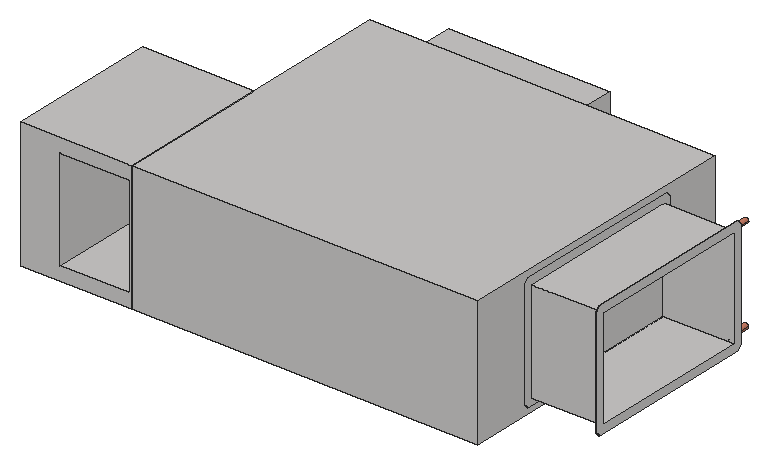
Revit family
Parameters
  Width = 3' - 1"
  Voltage = 208 V
  Unit Weight = if(and(Size Option = 1, Number of Rows = 1), "189.0 lbs", if(and(Size Option = 1, Number of Rows = 2), "192.0 lbs", if(and(Size Option = 2, Number of Rows = 1), "194.0 lbs", if(and(Size Option = 2, Number of Rows = 2), "197.0 lbs", "0"))))  # "189.0 lbs"
  UltraLoc Liner = Choose Liner Option = 3  # no
  URL = "http://www.titus-hvac.com/"
  UL = "181"
  Supply Air Flow [instance] = 0 CFM
  SteriLoc Liner = Choose Liner Option = 2  # no
  Size Option = 1
  Size C = Size Option = 2  # no
  Size B = Size Option = 1  # yes
  Secondary Material = Copper Connectors
  Primary Air Pressure Drop [instance] = 0.00 in-wg
  Primary Air Flow [instance] = 0 CFM
  Pressure [instance] = 0.00 psi
  Plenum Air Pressure Drop [instance] = 0.00 in-wg
  Plenum Air Flow [instance] = 0 CFM
  Outlet Width = 1' - 8 1/2"
  Outlet Height = 1' - 0 1/2"
  Number of Rows = 1
  Number of Poles = 2
  Nominal Width = Width + 0' 6 1/4"  # 3' - 7 1/4"
  Nominal Length = Length + 1' 1 7/8" + 0' 9"  # 5' - 5 7/8"
  Nominal Inlet Size = 0' - 10"
  Nominal Height = 1' - 4"
  NFPA = "90A"
  Motor Full Load Amps [instance] = 0.9 A
  Model = "DTFS-F"
  Min. Air Flow = 0 CFM
  Max. Air Flow = 1400 CFM
  Material = Galvanized Steel
  Manufacturer = "Titus"
  Length = 3' - 7"
  Juction Box Offset = 0' - 4 7/8"
  Inlet Diameter = Nominal Inlet Size - 0' 0 1/8"  # 0' - 9 7/8"
  Induced Air Inlet Width = 1' - 1 7/8"
  Induced Air Inlet Offset = (Height - Induced Air Inlet Connection Height) / 2  # 0' - 1 11/16"
  Induced Air Inlet Height = 1' - 7"
  Induced Air Inlet Connection Width = 0' - 8 3/4"
  Induced Air Inlet Connection Height = 1' - 0 5/8"
  Induced Air Filter = no
  Height = 1' - 4"
  Heating Total Capacity [instance] = 0 Btu/h
  Heating Entering Water Temp = 0 °F
  Half Outlet Connection Width = Outlet Width / 2  # 0' - 10 1/4"
  Half Outlet Connection Height = Outlet Height / 2  # 0' - 6 1/4"
  Half Height Start = -(Height / 2)  # -0' - 8"
  Half Height End = Height / 2  # 0' - 8"
  HWC Option = HWC Section : B-C - 1 Row
  HWC Connector Radius = 5/16"
  HP-Motor = "1/6"
  Gallons Per Minute [instance] = 0 GPM
  Frequency = 60 Hz
  Flange Offset = 0' - 1"
  Filter Size = "11\"x14\""
  Fiber Free Liner = Choose Liner Option = 1  # no
  Fan Disconnect Switch = no
  Duct Radius = Nominal Inlet Size / 2  # 0' - 5"
  Description = "Ultra Quiet Series Fan Powered Terminal Unit, Direct Digital Control, Pressure Independent"
  Connector Vertical Offset = 0' - 11 3/4"
  HWC Connector Length = 0' - 3"
  Connector Horizontal Offset = if(Number of Rows = 1, 0' 0", if(Number of Rows = 2, 0' 1", 0' 0"))  # 0' - 0"
  Connection Void Radius = Connection Radius - 0' 0 1/4"  # 0' - 4 11/16"
  Connection Radius = Inlet Diameter / 2  # 0' - 4 15/16"
  Choose Liner Option = 0
  CADworks URL = "www.CADworks.net"
  Assembly Code = "D3040100"
  Apparent Power [instance] = Voltage * Motor Full Load Amps  # 187.2 VA
  Air Inlet Offset = 0' - 7"
  1/2" Fiberglass Liner = Choose Liner Option = 0  # yes
  1" Fiberglass Liner = Choose Liner Option = 4  # no
Reference planes (in)
  plane 1 "Center (Front/Back)": y = 0
  plane 2: z = 0
  plane 3 "Center (Left/Right)": x = 3
  plane 4: x = -18.5
  plane 5: x = 24.5
  plane 6: x = -13.625
  plane 7: x = -21.875
  plane 8: z = 0
  plane 9: y = -18.5
  plane 10: y = 18.5
  plane 11: y = 11.5
  plane 12: z = 0
  plane 13: x = 33.5
  plane 14: x = 32.5
  plane 15: y = 13.25
  plane 16: y = 10.25
  plane 17: z = 5.875
  plane 18: z = -5.875
  plane 19: x = 32.5
  plane 20: y = 24.75
  plane 21: x = -32.375
  plane 22: z = 8
  plane 23: z = -8
Forms (in)
  Extrusion 1, solid, material "Galvanized Steel" <- "Material"
    sketch origin (0, 0, 0) x (1, 0, 0) y (0, 1, 0)
      loop
        line (-18.5, 18.5) -> (-18.5, -18.5) -> (24.5, -18.5) -> (24.5, 18.5) -> (-18.5, 18.5)
    from -8 <- "Half Height Start" to 8 <- "Half Height End"
  Extrusion 2, solid, material "Galvanized Steel" <- "Material"
    sketch origin (0, 0, 0) x (1, 0, 0) y (0, 1, 0)
      loop
        line (-32.375, 0.5) -> (-32.375, -18.5) -> (-18.5, -18.5) -> (-18.5, 0.5) -> (-32.375, 0.5)
    from -8 <- "Half Height Start" to 8 <- "Half Height End"
  Extrusion 3, void
    sketch origin (0, -18.5, 0) x (1, 0, 0) y (0, 0, -1)
      loop
        line (-18.75, 6.3125) -> (-27.5, 6.3125) -> (-27.5, -6.3125) -> (-18.75, -6.3125) -> (-18.75, 6.3125)
    from 0 to 16
  Extrusion 4, solid, material "Galvanized Steel" <- "Material"
    sketch origin (5, 0, 30) x (1, 0, 0) y (0, 1, 0)
      loop
        line (-18.625, 18.5) -> (1.375, 18.5) -> (1.375, 24.75) -> (-18.625, 24.75) -> (-18.625, 18.5)
    from -36 to -24
  Extrusion 5, solid, material "Galvanized Steel" <- "Material"
    sketch origin (-24.875, -2, 0) x (0, 0, -1) y (0, 1, 0)
      loop
        circle (0, 13.5) r 4.9375
    from 3 to 6.375
  Extrusion 6, void
    sketch origin (-24.875, 0, 0) x (0, 1, 0) y (0, 0, 1)
      loop
        circle (11.5, 0) r 4.6875
    from 3 to 11.25
  Extrusion 7, void, detail levels fine
    sketch origin (33.5, -10.25, 6.25) x (0, 0, 1) y (0, -1, 0)
      loop
        line (-12.5, 0) -> (-12.5, -20.5) -> (0, -20.5) -> (0, 0) -> (-12.5, 0)
    from -0.0625 to 0
  Extrusion 8, solid, material "Copper Connectors" <- "Secondary Material", detail levels fine
    sketch origin (0, 0, 0) x (1, 0, 0) y (0, 0, 1)
      loop
        circle (32.5, 5.875) r 0.3125
    from -13.25 to -10.3125
  Extrusion 9, solid, material "Copper Connectors" <- "Secondary Material", detail levels fine
    sketch origin (0, 0, 0) x (1, 0, 0) y (0, 0, 1)
      loop
        circle (32.5, -5.875) r 0.3125
    from -13.25 to -10.3125
Cuts and joins
  Extrusion 3 cuts Extrusion 2
  Extrusion 6 cuts Extrusion 1
  Extrusion 6 cuts Extrusion 5
Dimensions and locks (in)
  "Length": plane 5 to plane 4
  equal spacing: plane 5, plane 3 "Center (Left/Right)", plane 4
  locked: Extrusion 4 to plane 6 at 0
  locked: Extrusion 4 to Extrusion 4 at 20
  "Juction Box Offset": plane 6 to plane 4
  locked: plane 4 to plane 7 at 3.375
  "Width": plane 9 to plane 10
  equal spacing: plane 9, plane 1 "Center (Front/Back)", plane 10
  locked: Extrusion 5 sketch curve to level at 0
  locked: Extrusion 5 sketch curve to plane 11 at 0
  locked: Extrusion 6 sketch curve to level at 0
  locked: Extrusion 6 sketch curve to plane 11 at 0
  locked: Extrusion 4 to Extrusion 4 at 6.25
  locked: Extrusion 4 to Extrusion 4 at 12
  equal spacing: Extrusion 4, plane 8, Extrusion 4
  "Air Inlet Offset": plane 10 to plane 11
  "Induced Air Inlet Height": cut or joined group of Extrusion 2, Extrusion 3 to cut or joined group of Extrusion 2, Extrusion 3
  locked: cut or joined group of Extrusion 5, Extrusion 6 to cut or joined group of Extrusion 5, Extrusion 6 at 3.375
  "Induced Air Inlet Connection Height": Extrusion 3 sketch curve to Extrusion 3 sketch curve
  "Induced Air Inlet Offset": Extrusion 3 sketch curve to cut or joined group of Extrusion 2, Extrusion 3
  "Induced Air Inlet Connection Width": Extrusion 3 sketch curve to Extrusion 3 sketch curve
  locked: Extrusion 3 sketch curve to cut or joined group of Extrusion 1, Extrusion 6 at 0.25
  locked: plane 5 to plane 13 at 9
  locked: plane 14 to plane 13 at 1
  locked: plane 17 to plane 18 at 11.75
  equal spacing: plane 17, plane 12, plane 18
  "Connector Horizontal Offset": plane 19 to plane 14
  "HWC Connector Length": plane 16 to plane 15
  locked: cut or joined group of Extrusion 2, Extrusion 3 to cut or joined group of Extrusion 2, Extrusion 3 at 16
  equal spacing: cut or joined group of Extrusion 2, Extrusion 3, plane 12, cut or joined group of Extrusion 2, Extrusion 3
  locked: cut or joined group of Extrusion 1, Extrusion 6 to cut or joined group of Extrusion 2, Extrusion 3 at 16
  equal spacing: cut or joined group of Extrusion 1, Extrusion 6, plane 12, cut or joined group of Extrusion 1, Extrusion 6
  locked: cut or joined group of Extrusion 2, Extrusion 3 to cut or joined group of Extrusion 2, Extrusion 3 at 13.875
  locked: nested 1 to cut or joined group of Extrusion 1, Extrusion 6 at 1.6875
  locked: cut or joined group of Extrusion 1, Extrusion 6 to nested 1 at 1.6875
  "Connection Radius": radius of Extrusion 5 sketch curve
  "Connection Void Radius": radius of Extrusion 6 sketch curve
  "HWC Connector Radius": radius of Extrusion 8 sketch curve
  "HWC Connector Radius": radius of Extrusion 9 sketch curve
  aligned and locked: plane 10 to Extrusion 4
  aligned and locked: plane 7 to cut or joined group of Extrusion 5, Extrusion 6
  aligned and locked: plane 9 to cut or joined group of Extrusion 2, Extrusion 3  (x3)
  aligned and locked: nested 1 to Extrusion 8
  aligned and locked: plane 15 to Extrusion 8
  aligned and locked: nested 1 to Extrusion 9
  aligned and locked: plane 15 to Extrusion 9
  aligned and locked: plane 5 to cut or joined group of Extrusion 1, Extrusion 6
  aligned and locked: cut or joined group of Extrusion 1, Extrusion 6 to plane 10
  aligned and locked: plane 9 to cut or joined group of Extrusion 1, Extrusion 6
  aligned and locked: cut or joined group of Extrusion 1, Extrusion 6 to plane 4
  aligned and locked: cut or joined group of Extrusion 1, Extrusion 6 to nested 1
  aligned and locked: cut or joined group of Extrusion 5, Extrusion 6 to cut or joined group of Extrusion 1, Extrusion 6
  aligned and locked: cut or joined group of Extrusion 2, Extrusion 3 to cut or joined group of Extrusion 1, Extrusion 6
  aligned and locked: plane 6 to Extrusion 6
  aligned and locked: Extrusion 6 to plane 7
  aligned and locked: plane 22 to cut or joined group of Extrusion 2, Extrusion 3
  aligned and locked: plane 22 to cut or joined group of Extrusion 1, Extrusion 6
  aligned and locked: plane 23 to cut or joined group of Extrusion 2, Extrusion 3
  aligned and locked: plane 23 to cut or joined group of Extrusion 1, Extrusion 6
  aligned and locked: plane 20 to Extrusion 4
  aligned and locked: plane 13 to nested 1
  aligned and locked: plane 21 to cut or joined group of Extrusion 2, Extrusion 3
Automatic sketch dimensions
  Extrusion 1 sketch curve to plane 4 = 0' - 0"
  Extrusion 1 sketch curve to plane 5 = 0' - 0"
  Extrusion 1 sketch curve to plane 9 = 0' - 0"
  Extrusion 1 sketch curve to plane 10 = 0' - 0"
  Extrusion 2 sketch curve to plane 4 = 0' - 0"
  Extrusion 2 sketch curve to plane 9 = 0' - 0"
  Extrusion 2 sketch curve to plane 1 "Center (Front/Back)" = 0' - 0 1/2"
  Extrusion 4 sketch curve to plane 6 = 0' - 0"
  Extrusion 4 sketch curve to plane 10 = 0' - 0"
  plane 3 "Center (Left/Right)" to Extrusion 4 sketch curve = 0' - 3 3/8"
  Extrusion 4 sketch curve to plane 10 = 0' - 6 1/4"
  Extrusion 2 sketch curve to plane 7 = 0' - 10 1/2"
  Extrusion 7 sketch curve to nested 1 = 0' - 0"  (x4)
  Extrusion 8 sketch curve to plane 17 = 0' - 0"
  Extrusion 8 sketch curve to plane 19 = 0' - 0"
  Extrusion 9 sketch curve to plane 14 = 0' - 0"
  Extrusion 9 sketch curve to plane 18 = 0' - 0"
Nested families (in)
  nested 1: "HWC Section" at (29, 0, 0) x (0, 1, 0) z (0, 0, 1), type <- "HWC Option", type "B-C - 1 Row"
Connectors (in)
  electrical at (-3.625, 24.75, 0), driven by "Apparent Power", driven by "Voltage", driven by "Number of Poles"
    settings: on Extrusion 4, index 8
  hvac at (-21.875, 11.5, 0), driven by "Duct Radius", driven by "Primary Air Pressure Drop", driven by "Primary Air Flow"
    settings: on cut or joined group of Extrusion 5, Extrusion 6, index 9
  hvac at (-23.125, -18.5, 0), driven by "Induced Air Inlet Connection Height", driven by "Induced Air Inlet Connection Width", driven by "Plenum Air Pressure Drop", driven by "Plenum Air Flow"
    settings: on cut or joined group of Extrusion 2, Extrusion 3, index 10
  hvac at (33.5, 0, 0), driven by "Outlet Height", driven by "Outlet Width", driven by "Supply Air Flow"
    settings: on Extrusion 7, index 11
  piping at (32.5, 13.25, 5.875), driven by "Gallons Per Minute", driven by "Pressure", driven by "HWC Connector Radius"
    settings: on Extrusion 8, index 12
  piping at (32.5, 13.25, -5.875), driven by "Gallons Per Minute", driven by "HWC Connector Radius", driven by "Pressure"
    settings: on Extrusion 9, index 13
Definition of nested family "HWC Section"
  Parameters (values of type "B-C - 1 Row")
    Visibility = yes
    Secondary Material = Copper Connectors
    Number of Rows = 1
    Material = Galvanized Steel
    Half Width = HWC Width / 2  # 0' - 10 1/4"
    Half Length-Start = -(HWC Length / 2)  # -0' - 4 1/2"
    Half Length-End = HWC Length / 2  # 0' - 4 1/2"
    HWC Connection Radius = 5/16"
    Flange Offset = 0' - 1"
    Duct Vertical Offset = HWC Height - 0' 0 1/2"  # 1' - 0"
    Duct Horizontal Offset = HWC Width - 0' 0 1/2"  # 1' - 8"
    Connector Vertical Offset = 0' - 11 3/4"
    HWC Width = 1' - 8 1/2"
    HWC Height = 1' - 0 1/2"
    HWC Length = 0' - 9"  # constant formula
    Gallons Per Minute = 0 GPM
    Connector Length = 0' - 3"
    Connector Horizontal Offset = 0' - 0"
  Types (5): name | Number of Rows | Half Width | Flange Offset | Duct Vertical Offset | Duct Horizontal Offset | Connector Vertical Offset | HWC Width | HWC Height | Connector Horizontal Offset
    (no name) | 1 | 0' - 10 1/4" | 0' - 1" | 1' - 0" | 1' - 8" | 0' - 11 3/4" | 1' - 8 1/2" | 1' - 0 1/2" | 0' - 0"
    B-C - 1 Row | 1 | 0' - 10 1/4" | 0' - 1" | 1' - 0" | 1' - 8" | 0' - 11 3/4" | 1' - 8 1/2" | 1' - 0 1/2" | 0' - 0"
    B-C - 2 Row | 2 | 0' - 10 1/4" | 0' - 1" | 1' - 0" | 1' - 8" | 0' - 11 3/4" | 1' - 8 1/2" | 1' - 0 1/2" | 0' - 1"
    D-E - 1 Row | 1 | 1' - 0 1/2" | 0' - 1 1/4" | 1' - 5" | 2' - 0 1/2" | 1' - 4 1/4" | 2' - 1" | 1' - 5 1/2" | 0' - 0"
    D-E - 2 Row | 2 | 1' - 0 1/2" | 0' - 1 1/4" | 1' - 5" | 2' - 0 1/2" | 1' - 4 3/4" | 2' - 1" | 1' - 5 1/2" | 0' - 1"
  Reference planes (in)
    plane 1 "Center (Front/Back)": y = 0
    plane 2: z = 0
    plane 3 "Center (Left/Right)": x = 0
    plane 4: x = -10.25
    plane 5: x = 10.25
    plane 6: y = 4.5
    plane 7: y = -4.5
    plane 8: z = 6.25
    plane 9: z = -6.25
    plane 10: z = 5.875
    plane 11: z = -5.875
    plane 12: y = 3.5
    plane 13: y = 3.5
    plane 14: x = 13.25
  Forms (in)
    Extrusion 1, solid, material "Galvanized Steel" <- "Material", visible <- "Visibility"
      sketch origin (0, 0, 0) x (1, 0, 0) y (0, 0, 1)
        loop
          line (-10.3125, 6.3125) -> (-10.3125, -6.3125) -> (10.3125, -6.3125) -> (10.3125, 6.3125) -> (-10.3125, 6.3125)
      from -4.375 <- "Half Length-Start" to 4.5 <- "Half Length-End"
    Extrusion 2, void, detail levels fine
      sketch origin (0, 0, 0) x (1, 0, 0) y (0, 0, 1)
        loop
          line (-10.25, -6.25) -> (10.25, -6.25) -> (10.25, 6.25) -> (-10.25, 6.25) -> (-10.25, -6.25)
      from -4.5 <- "Half Length-Start" to 4.5 <- "Half Length-End"
    Extrusion 3, solid, material "Copper Connectors" <- "Secondary Material", visible <- "Visibility"
      sketch origin (6, 2.625, 0) x (0, 1, 0) y (0, 0, 1)
        loop
          circle (0.875, -5.875) r 0.3125
      from 4.3125 to 7.25
    Extrusion 4, solid, material "Galvanized Steel" <- "Material", visible <- "Visibility"
      sketch origin (0, -4.375, 0) x (1, 0, 0) y (0, 0, 1)
        loop
          line (-10.25, 6.25) -> (-10.25, -6.25) -> (10.25, -6.25) -> (10.25, 6.25) -> (-10.25, 6.25)
        loop
          line (-11.25, 6.75) -> (-11.25, -6.75) -> (-10.75, -7.25) -> (10.75, -7.25) -> (11.25, -6.75) -> (11.25, 6.75) -> (10.75, 7.25) -> (-10.75, 7.25) -> (-11.25, 6.75)
      from 0 to 0.125
    Extrusion 5, solid, material "Copper Connectors" <- "Secondary Material", visible <- "Visibility"
      sketch origin (6, -0.5, 0) x (0, 1, 0) y (0, 0, 1)
        loop
          circle (4, 5.875) r 0.3125
      from 4.3125 to 7.25
    Extrusion 6, solid, material "Galvanized Steel" <- "Material", visible <- "Visibility"
      sketch origin (0, 4.375, 0) x (1, 0, 0) y (0, 0, -1)
        loop
          line (-10.25, -6.25) -> (10.25, -6.25) -> (10.25, 6.25) -> (-10.25, 6.25) -> (-10.25, -6.25)
        loop
          line (-11.25, -6.75) -> (-10.75, -7.25) -> (10.75, -7.25) -> (11.25, -6.75) -> (11.25, 6.75) -> (10.75, 7.25) -> (-10.75, 7.25) -> (-11.25, 6.75) -> (-11.25, -6.75)
      from 0 to 0.125
  Cuts and joins
    Extrusion 2 cuts Extrusion 1
    joined: Extrusion 1, Extrusion 4, Extrusion 6
  Dimensions and locks (in)
    "HWC Width": plane 4 to plane 5
    equal spacing: plane 4, plane 3 "Center (Left/Right)", plane 5
    "HWC Height": plane 8 to plane 9
    equal spacing: plane 8, plane 2, plane 9
    equal spacing: plane 10, plane 2, plane 11
    locked: plane 12 to plane 6 at 1
    "Connector Horizontal Offset": plane 13 to plane 12
    locked: plane 7 to Extrusion 4 at 0.125
    locked: Extrusion 6 to plane 6 at 0.125
    locked: plane 4 to Extrusion 1 sketch curve at 0.0625
    locked: Extrusion 4 to Extrusion 1 sketch curve at 0.0625
    locked: Extrusion 1 sketch curve to plane 8 at 0.0625
    locked: plane 9 to Extrusion 1 sketch curve at 0.0625
    "Connector Length": plane 5 to plane 14
    "HWC Length": plane 6 to plane 7
    equal spacing: plane 6, plane 1 "Center (Front/Back)", plane 7
    "Connector Vertical Offset": plane 10 to plane 11
    equal spacing: plane 10, level, plane 11
    "HWC Width": Extrusion 4 sketch curve to Extrusion 4 sketch curve
    equal spacing: Extrusion 4 sketch curve, plane 3 "Center (Left/Right)", Extrusion 4 sketch curve
    "HWC Height": Extrusion 4 sketch curve to Extrusion 4 sketch curve
    equal spacing: Extrusion 4 sketch curve, plane 2, Extrusion 4 sketch curve
    "Flange Offset": cut or joined group of Extrusion 1, Extrusion 2, Extrusion 4, Extrusion 6 to plane 8
    "Flange Offset": plane 9 to cut or joined group of Extrusion 1, Extrusion 2, Extrusion 4, Extrusion 6
    locked: cut or joined group of Extrusion 1, Extrusion 2, Extrusion 4, Extrusion 6 to plane 4 at 1  (x2)
    locked: cut or joined group of Extrusion 1, Extrusion 2, Extrusion 4, Extrusion 6 to plane 5 at 1  (x2)
    "HWC Width": Extrusion 6 sketch curve to Extrusion 6 sketch curve
    "HWC Height": Extrusion 6 sketch curve to Extrusion 6 sketch curve
    equal spacing: Extrusion 6 sketch curve, plane 3 "Center (Left/Right)", Extrusion 6 sketch curve
    equal spacing: Extrusion 6 sketch curve, plane 2, Extrusion 6 sketch curve
    "HWC Height": Extrusion 2 sketch curve to Extrusion 2 sketch curve
    "HWC Width": Extrusion 2 sketch curve to Extrusion 2 sketch curve
    equal spacing: Extrusion 2 sketch curve, plane 3 "Center (Left/Right)", Extrusion 2 sketch curve
    equal spacing: Extrusion 2 sketch curve, plane 2, Extrusion 2 sketch curve
    locked: plane 5 to Extrusion 3 at 0.0625
    locked: plane 5 to Extrusion 5 at 0.0625
    "Flange Offset": Extrusion 6 sketch curve to plane 8  (x2)
    "Flange Offset": plane 9 to Extrusion 6 sketch curve  (x2)
    "HWC Connection Radius": radius of Extrusion 3 sketch curve
    "HWC Connection Radius": radius of Extrusion 5 sketch curve
    aligned and locked: plane 7 to Extrusion 4
    aligned and locked: plane 6 to Extrusion 6
    aligned and locked: plane 14 to Extrusion 5
    aligned and locked: plane 14 to Extrusion 3
    aligned and locked: Extrusion 6 to cut or joined group of Extrusion 1, Extrusion 2, Extrusion 4, Extrusion 6
    aligned and locked: Extrusion 4 to Extrusion 4
  Automatic sketch dimensions
    Extrusion 3 sketch curve to plane 11 = 0' - 0"
    Extrusion 3 sketch curve to plane 12 = 0' - 0"
    plane 4 to Extrusion 4 sketch curve = 0' - 1"
    plane 4 to Extrusion 4 sketch curve = 0' - 0 1/2"  (x2)
    Extrusion 4 sketch curve to plane 5 = 0' - 0 1/2"  (x2)
    Extrusion 4 sketch curve to Extrusion 4 sketch curve = 0' - 0 1/2"  (x3)
    Extrusion 4 sketch curve to plane 9 = 0' - 0 1/2"  (x2)
    plane 8 to Extrusion 4 sketch curve = 0' - 0 1/2"  (x2)
    Extrusion 5 sketch curve to plane 10 = 0' - 0"
    Extrusion 5 sketch curve to plane 13 = 0' - 0"
    plane 4 to Extrusion 6 sketch curve = 0' - 1"
    plane 4 to Extrusion 6 sketch curve = 0' - 0 1/2"  (x2)
    Extrusion 6 sketch curve to plane 5 = 0' - 0 1/2"  (x2)
    Extrusion 6 sketch curve to Extrusion 6 sketch curve = 0' - 0 1/2"  (x2)
    plane 8 to Extrusion 6 sketch curve = 0' - 0 1/2"  (x2)
    Extrusion 6 sketch curve to plane 9 = 0' - 0 1/2"
